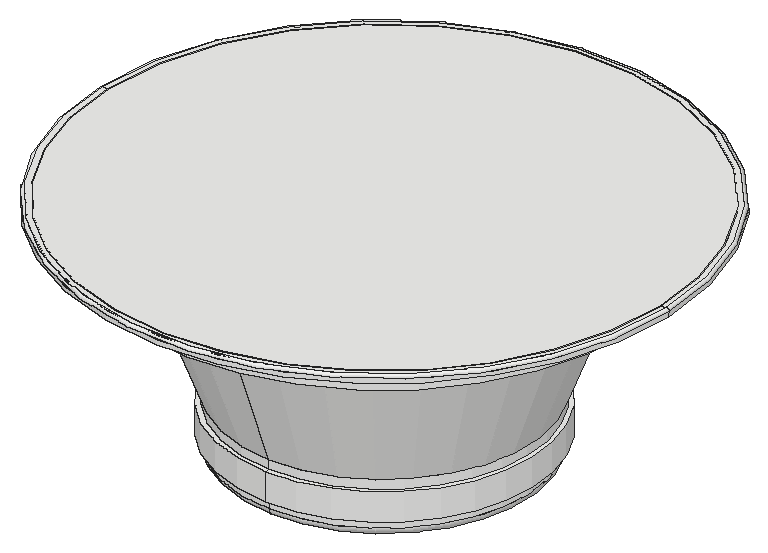
Revit family "Electronics_Commercial-Loudspeakers_Biamp_Two-Way-Edge-Loudspeaker_CM20DT", category Communication Devices, host Face, Revit 2020
Family settings
  Host = Face
  Maintain Annotation Orientation = No
  Round Connector Dimension = Use Diameter
  Part Type = Normal
  OmniClass Number = 23.85.10.11.14.14.14
  OmniClass Title = Loudspeakers
  Cut with Voids When Loaded = No
  Shared = No
  Room Calculation Point = No
Parameters (values of type "CM20DT")
  Version = 1
  Frequency response in Hz = "60 - 20K"  # constant formula
  Woofer size in inch = "6.5"  # constant formula
  Vertical dispersion angle 1000 Hz = "180°"  # constant formula
  Tweeter size in inch = "1"  # constant formula
  SPL 1W/1m in dB = "86"  # constant formula
  Max SPL 1m in dB = "104"  # constant formula
  Woofer cone material = "Polypropylene"  # constant formula
  Weight = 2.73373 lbf  # constant formula
  URL = "https://www.biamp.com/"
  Product data url = "https://bimobject.com/biamp/product/cm20dt_commercial-loudspeakers-ceiling"
  Product Page URL = "https://www.biamp.com/products/product-families/commercial-loudspeakers/ceiling-loudspeakers#cm20dt"
  Product Documentation Link = "https://downloads.biamp.com/assets/docs/default-source/data-sheets/biamp_data_sheet_cm20dt_aug20.pdf"
  Mounting system = "3 screws"  # constant formula
  Model = "CM20DT"  # constant formula
  Manufacturer = "Biamp"  # constant formula
  Main construction material = "ABS plastic"  # constant formula
  Low impedance dynamic power in watts = "60"  # constant formula
  Low impedance RMS power in watts = "30"  # constant formula
  Loudspeaker system = "2-way"  # constant formula
  Installation grip range in mm = "2 - 25"  # constant formula
  Impedance in ohms = "16"  # constant formula
  IP rating = "50"  # constant formula
  Housing Material = Biamp - Plastic - White
  Grille main material = "Steel"  # constant formula
  Diameter = 8.26772"  # constant formula
  Description = "CM20DT 6.5 Two-Way, Thin Edge Ceiling Loudspeaker, White"  # constant formula
  Depth = 3.14961"  # constant formula
  Default Elevation = 48"
  Date Updated = ""
  Date Created = "2023/08/21"
  Cutout in mm = "186"  # constant formula
  Connector Description = "Terminal strip; 70V/100V operation"  # constant formula
  Colour = "White"  # constant formula
  Closest RAL colour (subject to deviations) = "RAL9010"  # constant formula
  Applicable low impedance = "Yes"  # constant formula
  70V transformer power taps in = "20 - 10 - 5 - 2.5"  # constant formula
  100V transformer power taps in watts = "20 - 10 - 5"  # constant formula
Reference planes (in)
  plane 1 "Center (Front/Back)": y = 0
  plane 2: z = 0
  plane 3 "Center (Left/Right)": x = 0
Forms (in)
  Extrusion 1, solid, material "Biamp - Plastic - White" <- "Housing Material", detail levels coarse
    sketch origin (0, 0, 0) x (1, 0, 0) y (0, 1, 0)
      loop
        circle (0, 0) r 3.58801
    from -3.14961 to 0
  Extrusion 2, void
    sketch origin (0, 0, 0) x (1, 0, 0) y (0, 1, 0)
      loop
        circle (0, 0) r 3.58801
    from -3.14961 to 0
  Revolve 3, solid, material "Biamp - Plastic - White" <- "Housing Material", detail levels medium+fine
    sketch origin (0, 0, 0) x (1, 0, 0) y (0, 0, 1)
      loop
        line (0, 0) -> (0, 0.10089) -> (-4.0954, 0.10089)
        arc (-4.0954, 0.10089) -> (-4.12259, 0.08962) -> (-4.13386, 0.06243) r 0.03846
        line (-4.13386, 0.06243) -> (-4.13386, 0) -> (0, 0)
      axis (0, 0) -> (0, 0.10089)
    angle from 0 to 360
  Revolve 4, solid, material "Biamp - Plastic - White" <- "Housing Material", detail levels medium+fine
    sketch origin (0, 0, 0) x (0, 1, 0) y (0, 0, 1)
      loop
        line (0, 0) -> (-3.58801, 0) -> (-3.58801, -0.3937) -> (-2.85779, -0.3937) -> (-2.08877, -2.39708) -> (-2.08877, -2.52189) -> (-2.15352, -2.52189) -> (-2.15352, -2.91413) -> (-2.0851, -2.91413) -> (-2.0851, -3.03532)
        arc (-2.0851, -3.03532) -> (-2.05163, -3.11613) -> (-1.97082, -3.14961) r 0.11428
        line (-1.97082, -3.14961) -> (0, -3.14961) -> (0, 0)
      axis (0, 0) -> (0, -3.14961)
    angle from 0 to 360
  Extrusion 5, void
    sketch origin (0, 0.24606, 0) x (1, 0, 0) y (0, 1, 0)
      loop
        circle (0, -0.93002) r 0.59055
    from -3.30823 to -3.09905
  Revolve 6, solid, material "Biamp - Plastic - White" <- "Housing Material", detail levels coarse
    sketch origin (0, 0, 0) x (1, 0, 0) y (0, 0, 1)
      loop
        line (0, 0) -> (0, 0.10089) -> (-4.0954, 0.10089)
        arc (-4.0954, 0.10089) -> (-4.12259, 0.08962) -> (-4.13386, 0.06243) r 0.03846
        line (-4.13386, 0.06243) -> (-4.13386, 0) -> (0, 0)
      axis (0, 0) -> (0, 0.10089)
    angle from 0 to 360
  Extrusion 7, void
    sketch origin (0, 0, 0) x (1, 0, 0) y (0, 1, 0)
      loop
        circle (0, 0) r 4.01575
    from 0 to 0.38008
  Extrusion 8, solid, material "Biamp - Plastic - White(Grid)", detail levels medium+fine
    sketch origin (0, 0, 0) x (1, 0, 0) y (0, 1, 0)
      loop
        circle (0, 0) r 4.01575
    from 0 to 0.10089
Cuts and joins
  Extrusion 5, Extrusion 7 cuts Extrusion 1
  Extrusion 5, Extrusion 7 cuts Revolve 3
  Extrusion 5, Extrusion 7 cuts Revolve 4
Lines and regions (in)
  Masking region 1
    outline origin (0, 0, 0) x (1, 0, 0) y (0, 0, 1)
      loop
        line (-4.42983, 0) -> (-4.42983, -3.54331) -> (4.42844, -3.54331) -> (4.42844, 0) -> (-4.42983, 0)
  Masking region 2
    outline origin (0, 0, 0) x (1, 0, 0) y (0, 0, 1)
      loop
        line (-4.92227, 0) -> (4.92227, 0) -> (4.92227, 0.06237)
        arc (4.92227, 0.06237) -> (4.91099, 0.0896) -> (4.88375, 0.10089) r 0.03852
        line (4.88375, 0.10089) -> (-4.88375, 0.10089)
        arc (-4.88375, 0.10089) -> (-4.91099, 0.0896) -> (-4.92227, 0.06237) r 0.03852
        line (-4.92227, 0.06237) -> (-4.92227, 0)
  Masking region 3
    outline origin (0, 0, 0) x (1, 0, 0) y (0, 1, 0)
      loop
        circle (0, 0) r 4.13386
  Masking region 4
    outline origin (0, 0, 0) x (1, 0, 0) y (0, 1, 0)
      loop
        circle (0, 0) r 4.01575
Dimensions and locks (in)
  aligned and locked: plane 2 to host face
  aligned and locked: level to host face
Connectors (in)
  electrical at (0, -0.68396, -3.09905), driven by "Connector Description"
    settings: on cut or joined group of Extrusion 1, Extrusion 5, Extrusion 7, index 1, voltage 0 V, apparent load 0 VA, apparent load phase1 0 VA, apparent load phase2 0 VA, apparent load phase3 0 VA, power factor 1, load classification "Other", number of poles 1, system type 5, power factor state 1, is connector primary yes, connector utility no, sub classification motor no, connector description "Terminal strip; 70V/100V operation"
